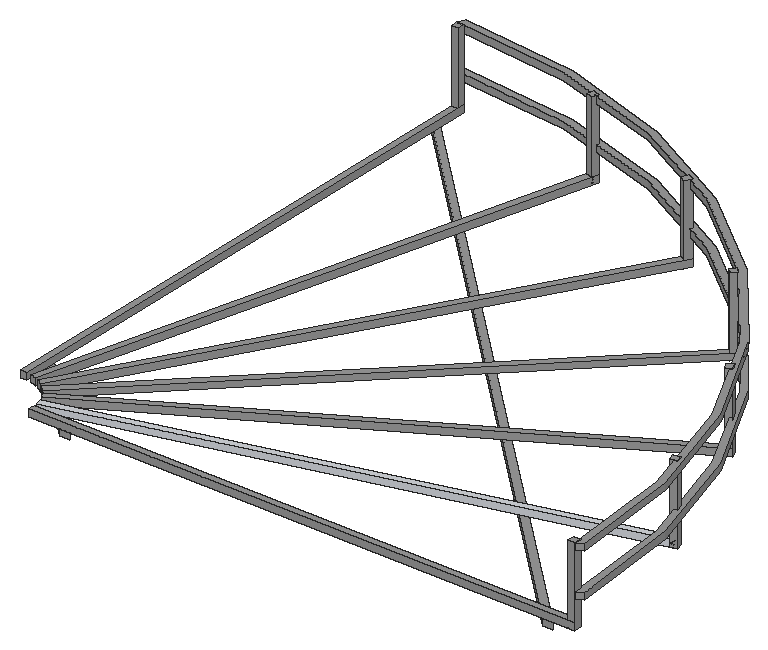
Revit family "Gitterinnenbogen 90 540", category Generic Models, Revit 2015
Parameters (values of type "GRB 90 540 FT")
  URL = "http://www.obo-bettermann.com"
  Material = Steel
  Manufacturer Art.No. = "6002242"
  Manufacturer = "OBO Bettermann"
  GTIN = "4012196001873"
  Article Type = "GRB 90 540 FT"
Types (3, lengths in mm): name | Material | Manufacturer Art.No. | GTIN | Article Type
  (no name) | Steel | "6002242" | "4012196001873" | "GRB 90 540 FT"
  GRB 90 540 G | Steel, Galvanized | "6001955" | "4012196352814" | "GRB 90 540 G"
  GRB 90 540 FT | Steel | "6002242" | "4012196001873" | "GRB 90 540 FT"
Reference planes
  plane 1 "Center (Front/Back)": y = 0
  plane 2: z = 0
  plane 3 "Center (Left/Right)": x = 0
  plane 4: z = 4.7
  plane 5: z = -4.7
  plane 6: z = 19.4
  plane 7: z = 24.1
  plane 8: z = 49.4
  plane 9: z = 54.1
Forms (mm)
  Extrusion 1, solid, material "Steel" <- "Material"
    sketch origin (0, 0, 0) x (1, 0, 0) y (0, 1, 0)
      loop
        line (2.35, 28) -> (2.35, 403.5) -> (-2.35, 403.5) -> (-2.35, 28) -> (2.35, 28)
    from 0 to 4.7
  Extrusion 2, solid, material "Steel" <- "Material"
    sketch origin (0, 0, 0) x (1, 0, 0) y (0, 1, 0)
      loop
        line (3.536, 22.278) -> (8.076, 21.061) -> (106.703, 389.143) -> (102.164, 390.359) -> (3.536, 22.278)
    from 0 to 4.7
  Extrusion 3, solid, material "Steel" <- "Material"
    sketch origin (0, 0, 0) x (1, 0, 0) y (0, 1, 0)
      loop
        line (10.876, 23.538) -> (14.947, 21.188) -> (203.785, 348.266) -> (199.715, 350.616) -> (10.876, 23.538)
    from 0 to 4.7
  Extrusion 4, solid, material "Steel" <- "Material"
    sketch origin (0, 0, 0) x (1, 0, 0) y (0, 1, 0)
      loop
        line (17.218, 13.895) -> (286.979, 283.656) -> (283.656, 286.979) -> (13.895, 17.218) -> (17.218, 13.895)
    from 0 to 4.7
  Extrusion 5, solid, material "Steel" <- "Material"
    sketch origin (0, 0, 0) x (1, 0, 0) y (0, 1, 0)
      loop
        line (16.146, 12.035) -> (18.496, 7.965) -> (350.616, 199.715) -> (348.266, 203.785) -> (16.146, 12.035)
    from 0 to 4.7
  Extrusion 6, solid, material "Steel" <- "Material"
    sketch origin (0, 0, 0) x (1, 0, 0) y (0, 1, 0)
      loop
        line (20, 2.35) -> (20, -2.35) -> (403.5, -2.35) -> (403.5, 2.35) -> (20, 2.35)
    from 0 to 4.7
  Extrusion 7, solid, material "Steel" <- "Material"
    sketch origin (0, 0, 0) x (1, 0, 0) y (0, 1, 0)
      loop
        line (-2.35, 49.231) -> (49.231, -2.35) -> (55.878, -2.35) -> (-2.35, 55.878) -> (-2.35, 49.231)
      loop
        line (-2.35, 381.571) -> (381.571, -2.35) -> (388.218, -2.35) -> (-2.35, 388.218) -> (-2.35, 381.571)
    from -4.7 to 0
  Extrusion 8, solid, material "Steel" <- "Material"
    sketch origin (0, 0, 0) x (1, 0, 0) y (0, 1, 0)
      loop
        arc (-2.35, 403.493) -> (285.318, 285.318) -> (403.493, -2.35) r 403.5
        line (403.493, -2.35) -> (408.2, 0)
        arc (408.2, 0) -> (288.641, 288.641) -> (0, 408.2) r 408.2
        line (0, 408.2) -> (-2.35, 403.493)
    from 19.4 to 24.1
  Extrusion 9, solid, material "Steel" <- "Material"
    sketch origin (0, 0, 0) x (1, 0, 0) y (0, 1, 0)
      loop
        arc (-2.35, 403.493) -> (285.318, 285.318) -> (403.493, -2.35) r 403.5
        line (403.493, -2.35) -> (408.2, 0)
        arc (408.2, 0) -> (288.641, 288.641) -> (0, 408.2) r 408.2
        line (0, 408.2) -> (-2.35, 403.493)
    from 49.4 to 54.1
  Extrusion 10, solid, material "Steel" <- "Material"
    sketch origin (0, 0, 0) x (1, 0, 0) y (0, 1, 0)
      loop
        line (-2.35, 403.5) -> (-2.35, 398.8) -> (2.35, 398.8) -> (2.35, 403.5) -> (-2.35, 403.5)
      loop
        line (283.656, 286.979) -> (280.332, 283.656) -> (283.656, 280.332) -> (286.979, 283.656) -> (283.656, 286.979)
      loop
        line (403.5, -2.35) -> (403.5, 2.35) -> (398.8, 2.35) -> (398.8, -2.35) -> (403.5, -2.35)
      loop
        line (102.164, 390.359) -> (100.947, 385.819) -> (105.487, 384.603) -> (106.703, 389.143) -> (102.164, 390.359)
      loop
        line (199.715, 350.616) -> (197.365, 346.546) -> (201.435, 344.196) -> (203.785, 348.266) -> (199.715, 350.616)
      loop
        line (350.616, 199.715) -> (348.266, 203.785) -> (344.196, 201.435) -> (346.546, 197.365) -> (350.616, 199.715)
      loop
        line (389.143, 106.703) -> (384.603, 105.487) -> (385.819, 100.947) -> (390.359, 102.164) -> (389.143, 106.703)
    from 0 to 54.1
  Extrusion 11, solid
    sketch origin (0, 0, 0) x (1, 0, 0) y (0, 1, 0)
      loop
        line (18.71, 7.446) -> (19.927, 2.906) -> (390.359, 102.164) -> (389.143, 106.703) -> (18.71, 7.446)
    from 0 to 4.7
  Extrusion 12, void
    sketch origin (0, 0, 0) x (1, 0, 0) y (0, 1, 0)
      loop
        circle (0, 0) r 28
    from -4.7 to 4.7
Cuts and joins
  Extrusion 12 cuts Extrusion 2
  Extrusion 12 cuts Extrusion 3
  Extrusion 12 cuts Extrusion 4
  Extrusion 12 cuts Extrusion 5
  Extrusion 12 cuts Extrusion 6
  Extrusion 12 cuts Extrusion 11
Dimensions and locks
  locked: plane 4 to level at 4.7
  locked: plane 1 "Center (Front/Back)" to Extrusion 1 sketch curve at 28
  locked: Extrusion 1 sketch curve to Extrusion 1 sketch curve at 375.5
  locked: Extrusion 1 sketch curve to Extrusion 1 sketch curve at 4.7
  locked: Extrusion 1 sketch curve to plane 3 "Center (Left/Right)" at 2.35
  plane 3 "Center (Left/Right)" to Extrusion 1 = 2.35 mm
  locked: Extrusion 6 sketch curve to Extrusion 6 sketch curve at 4.7
  locked: plane 1 "Center (Front/Back)" to Extrusion 6 sketch curve at 2.35
  locked: plane 3 "Center (Left/Right)" to Extrusion 6 sketch curve at 20
  locked: plane 3 "Center (Left/Right)" to Extrusion 6 sketch curve at 403.5
  locked: Extrusion 7 sketch curve to Extrusion 7 sketch curve at 4.7  (x2)
  locked: level to plane 5 at 4.7
  locked: Extrusion 7 sketch curve to Extrusion 7 sketch curve at 230.3
  locked: plane 3 "Center (Left/Right)" to Extrusion 7 sketch curve at 33.15
  locked: plane 7 to plane 6 at 4.7
  locked: plane 6 to level at 19.4
  locked: plane 8 to plane 7 at 25.3
  locked: plane 9 to plane 8 at 4.7
  locked: Extrusion 1 to Extrusion 10 sketch curve at 4.7
  locked: Extrusion 2 sketch curve to Extrusion 2 sketch curve at 4.7
  locked: plane 3 "Center (Left/Right)" to Extrusion 2 sketch curve at 22.434
  locked: Extrusion 2 sketch curve to plane 3 "Center (Left/Right)" at 403.5
  locked: Extrusion 3 sketch curve to Extrusion 3 sketch curve at 4.7
  locked: plane 3 "Center (Left/Right)" to Extrusion 3 sketch curve at 25.823
  locked: Extrusion 3 sketch curve to plane 3 "Center (Left/Right)" at 403.5
  locked: Extrusion 4 sketch curve to Extrusion 4 sketch curve at 4.7
  locked: Extrusion 4 sketch curve to plane 3 "Center (Left/Right)" at 22
  locked: plane 3 "Center (Left/Right)" to Extrusion 4 sketch curve at 403.5
  locked: Extrusion 5 sketch curve to Extrusion 5 sketch curve at 4.7
  locked: plane 3 "Center (Left/Right)" to Extrusion 5 sketch curve at 20
  locked: Extrusion 5 sketch curve to plane 3 "Center (Left/Right)" at 403.5
  locked: Extrusion 11 sketch curve to Extrusion 11 sketch curve at 4.7
  locked: plane 3 "Center (Left/Right)" to Extrusion 11 sketch curve at 20
  locked: Extrusion 11 sketch curve to plane 3 "Center (Left/Right)" at 403.5
  locked: Extrusion 2 to Extrusion 10 sketch curve at 4.7
  locked: Extrusion 3 to Extrusion 10 sketch curve at 4.7
  locked: Extrusion 4 to Extrusion 10 sketch curve at 4.7
  locked: Extrusion 10 sketch curve to Extrusion 5 at 4.7
  locked: Extrusion 11 to Extrusion 10 sketch curve at 4.7
  locked: Extrusion 10 sketch curve to Extrusion 6 at 4.7
  radius of Extrusion 9 sketch curve = 403.5 mm
  locked: plane 3 "Center (Left/Right)" to Extrusion 7 sketch curve (angle 45.00°)  (x2)
  locked: Extrusion 2 sketch curve to Extrusion 1 (angle 15.00°)
  aligned and locked: level to plane 2
  aligned and locked: Extrusion 1 to level
  aligned and locked: plane 4 to Extrusion 1
  aligned and locked: plane 4 to Extrusion 2
  aligned and locked: Extrusion 2 to level
  aligned and locked: plane 4 to Extrusion 3
  aligned and locked: Extrusion 3 to level
  aligned and locked: Extrusion 4 to plane 4
  aligned and locked: Extrusion 4 to level
  aligned and locked: Extrusion 5 to plane 4
  aligned and locked: Extrusion 5 to level
  aligned and locked: Extrusion 6 to plane 4
  aligned and locked: Extrusion 6 to level
  aligned and locked: Extrusion 1 to Extrusion 7 sketch curve  (x2)
  aligned and locked: Extrusion 7 to plane 5
  aligned and locked: level to Extrusion 7
  aligned and locked: Extrusion 8 to plane 6
  aligned and locked: plane 7 to Extrusion 8
  aligned and locked: Extrusion 9 to plane 8
  aligned and locked: plane 9 to Extrusion 9
  aligned and locked: Extrusion 10 sketch curve to Extrusion 1  (x3)
  aligned and locked: Extrusion 10 to level
  aligned and locked: plane 9 to Extrusion 10
  aligned and locked: Extrusion 10 sketch curve to Extrusion 2  (x3)
  aligned and locked: Extrusion 10 sketch curve to Extrusion 3  (x3)
  aligned and locked: Extrusion 10 sketch curve to Extrusion 4  (x3)
  aligned and locked: Extrusion 10 sketch curve to Extrusion 5  (x2)
  aligned and locked: Extrusion 5 to Extrusion 10 sketch curve
  aligned and locked: Extrusion 10 sketch curve to Extrusion 11  (x3)
  aligned and locked: Extrusion 10 sketch curve to Extrusion 6  (x2)
  aligned and locked: Extrusion 6 to Extrusion 10 sketch curve
  aligned and locked: Extrusion 11 to level
  aligned and locked: Extrusion 11 to plane 4
  aligned and locked: Extrusion 12 to Extrusion 7
  aligned and locked: plane 4 to Extrusion 12
  aligned and locked: cut or joined group of Extrusion 6, Extrusion 12 to Extrusion 9 sketch curve
  aligned and locked: Extrusion 1 to Extrusion 9 sketch curve
  aligned and locked: plane 3 "Center (Left/Right)" to Extrusion 9 sketch curve
  aligned and locked: plane 1 "Center (Front/Back)" to Extrusion 9 sketch curve
  aligned and locked: Extrusion 8 sketch curve to Extrusion 9  (x4)
